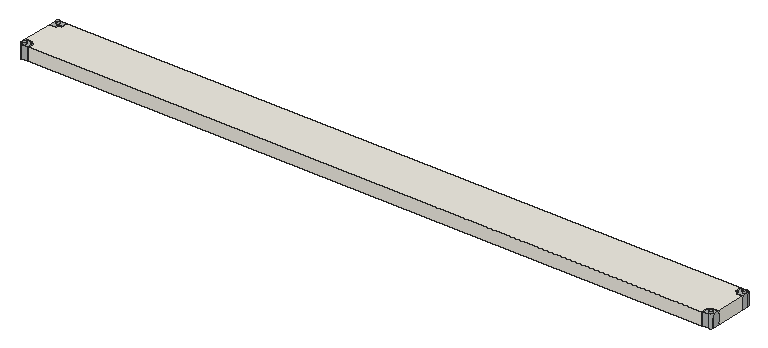
Revit family "HIGHTECH", category Осветительные приборы, Revit 2019 (continued)
Types (32, lengths in mm): name | Файл фотометрической сетки | built-in parameter 1150105 | Lumens | built-in parameter 1150106 | built-in parameter 1150142 | Wattage | Emit from Rectangle Width | Emit from Rectangle Length | Длина | Ширина | ADSK_Ток | ADSK_Полная мощность | ADSK_Обозначение | ADSK_Номинальная мощность | ADSK_Наименование | ADSK_Масса | ADSK_Код изделия
  Hightech-30/opal-sand 295х595 (IP54, 4000К, белый) | "Светильник HIGHTECH-30 OPAL-SAND-(295x595).IES" | 198.94 (stored number, unit not read) | 2500 lm | 1.9894 (stored number, unit not read) | "IESNA:LM-63-95\r\n[TEST] Протокол №80\r\n[DATA]26.06.2016\r\n[MORE] \r\n[MANUFAC] ЗАО \"Центрстройсвет\"\r\n[LUMCAT]  Светильник HIGHTECH-30/OPAL-SAND-(295x595)\r\n[LUMINAIRE]\r\n[LAMPCAT] Светодиоды\r\n[LAMP] Поток источника света (светодиодов) не известен\r\n[MORE] КСС приведена в абсолютных величинах кд\r\n[MORE] Вместо потока лампы, указан поток светильника.\r\nTILT=NONE\r\n1    2420 1.0 37 73 1 2 0.295 0.595 0.04\r\n1.0 1.0 28.9\r\n0.0 5.0 10.0 15.0 20.0 25.0 30.0 35.0 40.0 45.0 50.0 55.0 60.0 65.0 70.0 75.0 80.0 85.0 90.0 95.0 100.0 105.0 110.0 115.0 120.0 125.0 130.0 135.0 140.0 145.0 150.0 155.0 160.0 165.0 170.0 175.0 180.0\r\n0.0 5.0 10.0 15.0 20.0 25.0 30.0 35.0 40.0 45.0 50.0 55.0 60.0 65.0 70.0 75.0 80.0 85.0 90.0 95.0 100.0 105.0 110.0 115.0 120.0 125.0 130.0 135.0 140.0 145.0 150.0 155.0 160.0 165.0 170.0 175.0 180.0 185.0 190.0 195.0 200.0 205.0 210.0 215.0 220.0 225.0 230.0 235.0 240.0 245.0 250.0 255.0 260.0 265.0 270.0 275.0 280.0 285.0 290.0 295.0 300.0 305.0 310.0 315.0 320.0 325.0 330.0 335.0 340.0 345.0 350.0 355.0 360.0\r\n911.1 908.3 889.4 861.2 824.6 779.8 729.1 674.3 613.8 546.0 479.1 412.2 342.1 274.7 206.6 142.5 83.1 30.5 0.2 0.0 0.0 0.0 0.0 0.0 0.0 0.0 0.0 0.0 0.0 0.0 0.0 0.0 0.0 0.0 0.0 0.0 0.0\r\n911.1 908.3 890.4 862.2 826.0 781.2 730.0 673.5 610.8 545.9 478.1 412.0 343.0 274.6 207.5 142.8 83.4 31.1 0.3 0.0 0.0 0.0 0.0 0.0 0.0 0.0 0.0 0.0 0.0 0.0 0.0 0.0 0.0 0.0 0.0 0.0 0.0\r\n911.1 908.5 890.5 862.8 826.3 781.1 729.7 670.6 612.5 548.7 480.3 412.7 344.4 275.2 207.5 143.5 83.8 31.5 0.3 0.0 0.0 0.0 0.0 0.0 0.0 0.0 0.0 0.0 0.0 0.0 0.0 0.0 0.0 0.0 0.0 0.0 0.0\r\n911.1 909.2 889.7 860.5 825.1 782.3 731.0 672.5 613.1 547.3 478.2 411.8 342.9 275.2 208.3 143.7 83.9 31.8 0.3 0.0 0.0 0.0 0.0 0.0 0.0 0.0 0.0 0.0 0.0 0.0 0.0 0.0 0.0 0.0 0.0 0.0 0.0\r\n911.1 909.0 891.0 861.5 825.6 782.4 732.7 675.9 611.0 545.2 481.9 413.1 344.4 276.1 208.3 144.0 84.6 32.0 0.3 0.0 0.0 0.0 0.0 0.0 0.0 0.0 0.0 0.0 0.0 0.0 0.0 0.0 0.0 0.0 0.0 0.0 0.0\r\n911.1 908.9 890.1 863.3 826.9 783.2 729.2 673.9 611.8 547.8 480.9 414.1 343.8 275.8 208.6 144.4 85.0 32.4 0.3 0.0 0.0 0.0 0.0 0.0 0.0 0.0 0.0 0.0 0.0 0.0 0.0 0.0 0.0 0.0 0.0 0.0 0.0\r\n911.1 908.9 890.0 862.2 828.3 782.8 731.1 675.1 614.3 547.6 481.3 413.0 345.8 276.7 208.8 145.0 85.3 32.6 0.4 0.0 0.0 0.0 0.0 0.0 0.0 0.0 0.0 0.0 0.0 0.0 0.0 0.0 0.0 0.0 0.0 0.0 0.0\r\n911.1 908.5 891.5 865.2 825.7 780.8 732.5 674.6 615.0 551.3 482.1 414.1 345.1 277.4 208.6 145.5 85.5 33.2 0.5 0.0 0.0 0.0 0.0 0.0 0.0 0.0 0.0 0.0 0.0 0.0 0.0 0.0 0.0 0.0 0.0 0.0 0.0\r\n911.1 908.2 891.4 865.6 827.3 781.0 734.3 676.9 614.9 549.4 482.0 413.8 346.2 277.0 209.5 145.9 86.0 33.8 0.4 0.0 0.0 0.0 0.0 0.0 0.0 0.0 0.0 0.0 0.0 0.0 0.0 0.0 0.0 0.0 0.0 0.0 0.0\r\n911.1 908.7 891.0 864.3 829.6 784.0 732.9 673.2 614.9 550.2 484.5 414.8 346.4 277.8 210.5 146.4 87.2 33.9 0.6 0.0 0.0 0.0 0.0 0.0 0.0 0.0 0.0 0.0 0.0 0.0 0.0 0.0 0.0 0.0 0.0 0.0 0.0\r\n911.1 909.3 890.7 863.4 828.2 782.7 733.6 675.6 617.1 551.3 485.9 416.5 347.0 279.5 211.3 147.1 87.6 34.5 0.8 0.0 0.0 0.0 0.0 0.0 0.0 0.0 0.0 0.0 0.0 0.0 0.0 0.0 0.0 0.0 0.0 0.0 0.0\r\n911.1 908.7 892.5 864.0 829.2 784.2 733.3 676.9 615.6 551.9 484.7 416.9 348.3 279.6 211.6 148.3 88.1 35.0 0.9 0.0 0.0 0.0 0.0 0.0 0.0 0.0 0.0 0.0 0.0 0.0 0.0 0.0 0.0 0.0 0.0 0.0 0.0\r\n911.1 907.6 892.1 865.2 827.4 784.6 731.8 676.8 617.7 552.8 485.1 418.8 350.7 281.3 212.5 148.4 89.0 35.7 1.0 0.0 0.0 0.0 0.0 0.0 0.0 0.0 0.0 0.0 0.0 0.0 0.0 0.0 0.0 0.0 0.0 0.0 0.0\r\n911.1 907.1 892.1 864.5 830.2 788.3 733.6 677.4 617.3 552.0 487.9 420.8 349.8 281.3 213.4 149.2 89.9 36.2 1.3 0.0 0.0 0.0 0.0 0.0 0.0 0.0 0.0 0.0 0.0 0.0 0.0 0.0 0.0 0.0 0.0 0.0 0.0\r\n911.1 907.7 891.9 865.7 828.5 785.6 735.2 678.9 620.0 555.8 488.8 421.1 351.5 282.7 215.2 149.7 90.8 36.9 1.5 0.0 0.0 0.0 0.0 0.0 0.0 0.0 0.0 0.0 0.0 0.0 0.0 0.0 0.0 0.0 0.0 0.0 0.0\r\n911.1 907.8 891.0 864.8 830.1 786.1 738.7 679.4 616.5 556.6 490.6 420.2 352.4 284.5 215.4 151.3 91.1 37.6 1.5 0.0 0.0 0.0 0.0 0.0 0.0 0.0 0.0 0.0 0.0 0.0 0.0 0.0 0.0 0.0 0.0 0.0 0.0\r\n911.1 907.6 892.2 865.5 829.8 785.3 740.8 681.1 621.3 555.2 488.2 422.8 352.5 285.0 216.2 151.5 92.2 38.3 1.9 0.0 0.0 0.0 0.0 0.0 0.0 0.0 0.0 0.0 0.0 0.0 0.0 0.0 0.0 0.0 0.0 0.0 0.0\r\n911.1 907.4 892.1 866.1 829.8 787.6 737.3 681.4 621.4 556.0 491.1 422.7 354.9 284.7 217.1 152.4 93.0 39.4 2.0 0.0 0.0 0.0 0.0 0.0 0.0 0.0 0.0 0.0 0.0 0.0 0.0 0.0 0.0 0.0 0.0 0.0 0.0\r\n911.1 907.1 892.7 864.9 831.7 788.2 738.4 680.3 623.5 555.8 491.4 423.2 354.0 286.0 218.2 152.8 93.7 40.1 1.9 0.0 0.0 0.0 0.0 0.0 0.0 0.0 0.0 0.0 0.0 0.0 0.0 0.0 0.0 0.0 0.0 0.0 0.0\r\n911.1 907.4 892.3 867.6 830.6 789.2 737.9 683.1 622.5 558.1 492.5 424.4 355.9 287.7 219.1 154.3 94.7 40.4 2.5 0.0 0.0 0.0 0.0 0.0 0.0 0.0 0.0 0.0 0.0 0.0 0.0 0.0 0.0 0.0 0.0 0.0 0.0\r\n911.1 907.5 892.4 866.9 832.1 790.0 736.6 683.9 623.3 559.4 493.1 425.9 357.0 288.4 220.1 155.2 95.3 41.1 2.6 0.0 0.0 0.0 0.0 0.0 0.0 0.0 0.0 0.0 0.0 0.0 0.0 0.0 0.0 0.0 0.0 0.0 0.0\r\n911.1 906.9 893.0 866.2 832.9 789.5 740.6 686.4 622.6 558.9 494.6 425.2 357.7 289.6 220.8 156.1 95.8 41.9 2.6 0.0 0.0 0.0 0.0 0.0 0.0 0.0 0.0 0.0 0.0 0.0 0.0 0.0 0.0 0.0 0.0 0.0 0.0\r\n911.1 906.5 892.0 867.1 832.6 789.9 741.4 686.3 627.3 561.0 497.2 429.6 357.8 290.1 222.7 156.4 96.7 42.4 3.1 0.0 0.0 0.0 0.0 0.0 0.0 0.0 0.0 0.0 0.0 0.0 0.0 0.0 0.0 0.0 0.0 0.0 0.0\r\n911.1 906.8 892.3 868.3 834.8 789.8 739.1 686.9 625.0 562.3 496.2 428.6 359.5 290.7 222.5 158.0 97.5 42.6 3.4 0.0 0.0 0.0 0.0 0.0 0.0 0.0 0.0 0.0 0.0 0.0 0.0 0.0 0.0 0.0 0.0 0.0 0.0\r\n911.1 907.7 893.1 868.2 834.1 793.7 743.1 687.9 626.4 562.8 495.5 430.8 360.5 292.6 223.4 158.6 97.7 43.5 3.3 0.0 0.0 0.0 0.0 0.0 0.0 0.0 0.0 0.0 0.0 0.0 0.0 0.0 0.0 0.0 0.0 0.0 0.0\r\n911.1 908.2 893.8 868.2 835.6 793.6 743.3 688.3 626.0 564.5 498.1 431.2 361.0 293.4 224.3 158.9 98.6 44.0 3.5 0.0 0.0 0.0 0.0 0.0 0.0 0.0 0.0 0.0 0.0 0.0 0.0 0.0 0.0 0.0 0.0 0.0 0.0\r\n911.1 906.7 894.2 868.9 835.7 792.8 743.7 688.3 628.3 564.5 497.7 430.5 361.2 293.3 224.8 160.4 99.3 44.4 3.7 0.0 0.0 0.0 0.0 0.0 0.0 0.0 0.0 0.0 0.0 0.0 0.0 0.0 0.0 0.0 0.0 0.0 0.0\r\n911.1 906.5 894.7 867.9 834.7 795.0 744.2 689.6 630.1 566.4 499.6 431.8 363.0 294.1 225.6 160.8 100.0 45.1 3.6 0.0 0.0 0.0 0.0 0.0 0.0 0.0 0.0 0.0 0.0 0.0 0.0 0.0 0.0 0.0 0.0 0.0 0.0\r\n911.1 906.5 895.1 869.9 835.9 794.8 744.6 690.7 627.4 566.4 500.2 432.4 364.0 294.7 227.0 161.2 100.6 45.6 3.8 0.0 0.0 0.0 0.0 0.0 0.0 0.0 0.0 0.0 0.0 0.0 0.0 0.0 0.0 0.0 0.0 0.0 0.0\r\n911.1 906.1 895.4 869.1 835.9 794.7 746.0 689.6 630.7 566.6 499.6 432.7 363.1 295.7 227.9 161.9 100.9 46.3 4.0 0.0 0.0 0.0 0.0 0.0 0.0 0.0 0.0 0.0 0.0 0.0 0.0 0.0 0.0 0.0 0.0 0.0 0.0\r\n911.1 906.1 894.6 870.7 836.3 795.3 746.6 689.6 632.6 567.7 500.1 432.1 364.4 296.0 227.8 162.7 101.4 46.4 4.5 0.0 0.0 0.0 0.0 0.0 0.0 0.0 0.0 0.0 0.0 0.0 0.0 0.0 0.0 0.0 0.0 0.0 0.0\r\n911.1 906.3 895.6 868.8 835.5 793.2 745.3 690.7 630.8 568.5 500.6 433.3 364.7 295.8 227.5 162.6 101.3 46.8 4.6 0.0 0.0 0.0 0.0 0.0 0.0 0.0 0.0 0.0 0.0 0.0 0.0 0.0 0.0 0.0 0.0 0.0 0.0\r\n911.1 907.0 895.4 871.8 837.5 794.5 744.5 690.6 631.8 568.8 502.5 436.2 365.6 296.2 228.3 163.9 101.9 47.1 4.6 0.0 0.0 0.0 0.0 0.0 0.0 0.0 0.0 0.0 0.0 0.0 0.0 0.0 0.0 0.0 0.0 0.0 0.0\r\n911.1 907.6 895.4 871.8 839.2 796.0 747.1 690.6 629.6 567.5 501.4 434.5 365.7 297.2 228.8 163.4 102.4 47.5 4.6 0.0 0.0 0.0 0.0 0.0 0.0 0.0 0.0 0.0 0.0 0.0 0.0 0.0 0.0 0.0 0.0 0.0 0.0\r\n911.1 906.1 895.5 871.6 838.7 794.9 748.2 694.5 632.4 570.3 502.5 434.5 365.5 297.1 229.4 164.0 102.4 47.5 4.7 0.0 0.0 0.0 0.0 0.0 0.0 0.0 0.0 0.0 0.0 0.0 0.0 0.0 0.0 0.0 0.0 0.0 0.0\r\n911.1 904.8 895.9 869.8 836.7 797.2 747.1 691.9 633.4 569.5 503.4 435.1 366.2 298.1 229.3 163.6 102.3 47.2 4.3 0.0 0.0 0.0 0.0 0.0 0.0 0.0 0.0 0.0 0.0 0.0 0.0 0.0 0.0 0.0 0.0 0.0 0.0\r\n911.1 905.3 894.0 871.2 840.2 796.2 748.3 691.8 631.5 572.4 503.6 433.5 366.8 297.9 229.2 163.3 101.8 46.8 3.8 0.0 0.0 0.0 0.0 0.0 0.0 0.0 0.0 0.0 0.0 0.0 0.0 0.0 0.0 0.0 0.0 0.0 0.0\r\n911.1 906.0 894.9 870.9 837.1 795.0 745.7 693.0 630.8 569.0 503.7 436.4 366.4 297.7 229.8 163.4 101.8 46.5 3.4 0.0 0.0 0.0 0.0 0.0 0.0 0.0 0.0 0.0 0.0 0.0 0.0 0.0 0.0 0.0 0.0 0.0 0.0\r\n911.1 905.6 893.6 871.4 839.9 797.6 749.1 691.5 633.0 570.8 502.5 434.8 366.1 296.6 228.5 162.8 101.0 46.0 2.9 0.0 0.0 0.0 0.0 0.0 0.0 0.0 0.0 0.0 0.0 0.0 0.0 0.0 0.0 0.0 0.0 0.0 0.0\r\n911.1 905.5 894.6 871.9 838.0 794.6 747.0 692.0 634.0 569.3 502.9 435.5 366.8 296.4 228.8 163.2 101.1 46.1 2.8 0.0 0.0 0.0 0.0 0.0 0.0 0.0 0.0 0.0 0.0 0.0 0.0 0.0 0.0 0.0 0.0 0.0 0.0\r\n911.1 906.2 893.1 871.0 837.2 796.8 749.0 694.0 633.1 569.5 503.5 436.7 366.4 297.6 228.4 162.6 101.3 45.7 2.8 0.0 0.0 0.0 0.0 0.0 0.0 0.0 0.0 0.0 0.0 0.0 0.0 0.0 0.0 0.0 0.0 0.0 0.0\r\n911.1 905.4 893.6 869.9 837.0 796.8 747.6 692.4 634.5 568.4 503.4 433.2 365.8 296.2 227.1 162.3 100.7 45.6 2.7 0.0 0.0 0.0 0.0 0.0 0.0 0.0 0.0 0.0 0.0 0.0 0.0 0.0 0.0 0.0 0.0 0.0 0.0\r\n911.1 905.2 893.1 870.9 837.6 799.4 749.7 694.6 632.4 569.7 501.2 433.7 366.5 296.3 227.6 162.0 100.7 45.2 2.6 0.0 0.0 0.0 0.0 0.0 0.0 0.0 0.0 0.0 0.0 0.0 0.0 0.0 0.0 0.0 0.0 0.0 0.0\r\n911.1 905.6 892.8 867.9 836.3 795.3 747.6 693.8 632.3 568.8 503.5 433.9 364.4 295.4 227.4 162.1 100.2 45.0 2.6 0.0 0.0 0.0 0.0 0.0 0.0 0.0 0.0 0.0 0.0 0.0 0.0 0.0 0.0 0.0 0.0 0.0 0.0\r\n911.1 906.0 891.2 869.4 838.7 796.6 744.5 691.3 630.5 568.4 500.5 432.6 364.8 294.7 226.6 161.5 99.4 44.6 2.4 0.0 0.0 0.0 0.0 0.0 0.0 0.0 0.0 0.0 0.0 0.0 0.0 0.0 0.0 0.0 0.0 0.0 0.0\r\n911.1 906.3 892.3 868.8 836.4 794.7 746.4 690.6 628.4 567.4 501.0 433.5 364.4 294.7 226.3 161.5 99.1 44.1 2.3 0.0 0.0 0.0 0.0 0.0 0.0 0.0 0.0 0.0 0.0 0.0 0.0 0.0 0.0 0.0 0.0 0.0 0.0\r\n911.1 906.1 891.2 870.3 836.5 796.5 746.5 691.1 630.2 565.4 501.0 432.5 361.6 293.6 224.8 160.3 98.9 43.7 2.2 0.0 0.0 0.0 0.0 0.0 0.0 0.0 0.0 0.0 0.0 0.0 0.0 0.0 0.0 0.0 0.0 0.0 0.0\r\n911.1 906.7 892.3 869.5 834.4 794.2 744.3 688.5 631.3 567.2 500.0 431.6 362.1 292.6 224.4 159.4 98.3 43.1 2.1 0.0 0.0 0.0 0.0 0.0 0.0 0.0 0.0 0.0 0.0 0.0 0.0 0.0 0.0 0.0 0.0 0.0 0.0\r\n911.1 906.3 891.7 869.3 838.3 794.6 745.1 687.7 632.2 566.3 497.6 429.3 361.9 293.2 223.9 158.7 97.6 42.4 1.9 0.0 0.0 0.0 0.0 0.0 0.0 0.0 0.0 0.0 0.0 0.0 0.0 0.0 0.0 0.0 0.0 0.0 0.0\r\n911.1 906.6 891.2 870.7 835.8 791.7 742.2 688.7 628.2 564.3 497.8 429.8 361.0 291.5 223.5 157.7 97.3 42.0 1.8 0.0 0.0 0.0 0.0 0.0 0.0 0.0 0.0 0.0 0.0 0.0 0.0 0.0 0.0 0.0 0.0 0.0 0.0\r\n911.1 906.1 891.3 868.6 834.6 791.7 744.4 685.8 625.4 562.6 496.6 428.8 360.1 290.5 222.4 157.1 96.1 41.3 1.7 0.0 0.0 0.0 0.0 0.0 0.0 0.0 0.0 0.0 0.0 0.0 0.0 0.0 0.0 0.0 0.0 0.0 0.0\r\n911.1 905.2 892.6 868.1 835.0 791.5 742.2 686.7 625.4 563.1 497.3 427.9 358.4 290.7 221.2 155.8 95.6 40.8 1.5 0.0 0.0 0.0 0.0 0.0 0.0 0.0 0.0 0.0 0.0 0.0 0.0 0.0 0.0 0.0 0.0 0.0 0.0\r\n911.1 905.3 892.8 868.0 833.0 791.3 744.3 685.1 623.6 560.5 492.9 426.5 357.2 288.9 220.3 154.7 94.8 40.1 1.3 0.0 0.0 0.0 0.0 0.0 0.0 0.0 0.0 0.0 0.0 0.0 0.0 0.0 0.0 0.0 0.0 0.0 0.0\r\n911.1 906.6 890.8 868.3 833.0 790.4 741.1 685.4 624.1 560.7 492.9 424.1 356.4 288.9 219.7 154.0 93.5 39.4 1.2 0.0 0.0 0.0 0.0 0.0 0.0 0.0 0.0 0.0 0.0 0.0 0.0 0.0 0.0 0.0 0.0 0.0 0.0\r\n911.1 907.4 891.8 866.4 833.1 790.2 739.5 683.6 621.7 561.4 494.4 424.6 356.0 287.1 219.0 153.3 92.5 38.6 1.1 0.0 0.0 0.0 0.0 0.0 0.0 0.0 0.0 0.0 0.0 0.0 0.0 0.0 0.0 0.0 0.0 0.0 0.0\r\n911.1 907.0 891.7 867.9 832.2 788.0 736.3 683.3 623.7 556.4 492.1 424.3 353.3 286.6 217.1 152.4 91.9 37.8 0.8 0.0 0.0 0.0 0.0 0.0 0.0 0.0 0.0 0.0 0.0 0.0 0.0 0.0 0.0 0.0 0.0 0.0 0.0\r\n911.1 906.8 892.1 865.5 829.5 787.9 737.3 680.4 618.9 555.6 491.7 423.2 353.3 284.2 216.2 151.5 91.3 37.0 0.7 0.0 0.0 0.0 0.0 0.0 0.0 0.0 0.0 0.0 0.0 0.0 0.0 0.0 0.0 0.0 0.0 0.0 0.0\r\n911.1 906.0 890.4 864.7 830.5 788.2 737.8 682.0 618.5 554.8 489.2 421.0 352.5 282.8 214.0 149.9 90.1 36.6 0.6 0.0 0.0 0.0 0.0 0.0 0.0 0.0 0.0 0.0 0.0 0.0 0.0 0.0 0.0 0.0 0.0 0.0 0.0\r\n911.1 905.1 891.5 865.2 828.0 784.8 738.1 677.5 619.3 553.0 488.5 419.0 350.1 282.1 214.0 149.5 89.3 35.6 0.4 0.0 0.0 0.0 0.0 0.0 0.0 0.0 0.0 0.0 0.0 0.0 0.0 0.0 0.0 0.0 0.0 0.0 0.0\r\n911.1 906.0 891.6 863.4 826.4 784.8 735.2 679.4 616.1 553.3 487.5 418.1 349.5 281.2 213.4 148.4 88.5 34.8 0.3 0.0 0.0 0.0 0.0 0.0 0.0 0.0 0.0 0.0 0.0 0.0 0.0 0.0 0.0 0.0 0.0 0.0 0.0\r\n911.1 906.8 890.4 864.5 828.0 784.0 735.1 678.8 616.8 551.9 484.6 417.7 349.7 279.3 211.1 147.6 87.7 34.2 0.3 0.0 0.0 0.0 0.0 0.0 0.0 0.0 0.0 0.0 0.0 0.0 0.0 0.0 0.0 0.0 0.0 0.0 0.0\r\n911.1 907.5 888.8 862.0 826.9 780.2 732.3 675.0 614.9 551.2 485.3 416.4 346.6 278.8 211.6 146.2 86.7 33.6 0.2 0.0 0.0 0.0 0.0 0.0 0.0 0.0 0.0 0.0 0.0 0.0 0.0 0.0 0.0 0.0 0.0 0.0 0.0\r\n911.1 907.5 889.7 863.2 826.6 785.1 732.2 672.0 614.2 551.3 484.5 416.7 346.2 277.6 210.1 145.9 85.8 32.8 0.2 0.0 0.0 0.0 0.0 0.0 0.0 0.0 0.0 0.0 0.0 0.0 0.0 0.0 0.0 0.0 0.0 0.0 0.0\r\n911.1 907.3 890.1 863.9 825.1 780.0 730.7 678.4 612.1 549.9 481.9 414.5 344.9 276.9 209.3 145.1 85.2 32.3 0.1 0.0 0.0 0.0 0.0 0.0 0.0 0.0 0.0 0.0 0.0 0.0 0.0 0.0 0.0 0.0 0.0 0.0 0.0\r\n911.1 908.5 889.1 862.4 825.5 781.7 731.2 672.6 612.0 547.6 482.4 413.8 345.8 275.4 208.5 144.0 84.8 31.6 0.1 0.0 0.0 0.0 0.0 0.0 0.0 0.0 0.0 0.0 0.0 0.0 0.0 0.0 0.0 0.0 0.0 0.0 0.0\r\n911.1 908.0 889.3 861.7 824.9 780.9 731.0 672.8 611.9 545.5 481.0 411.8 343.3 274.8 207.7 143.4 84.0 31.2 0.1 0.0 0.0 0.0 0.0 0.0 0.0 0.0 0.0 0.0 0.0 0.0 0.0 0.0 0.0 0.0 0.0 0.0 0.0\r\n911.1 906.5 887.9 861.2 824.2 781.5 729.8 672.2 609.7 547.2 479.7 411.1 343.5 274.5 206.8 143.2 83.6 30.7 0.1 0.0 0.0 0.0 0.0 0.0 0.0 0.0 0.0 0.0 0.0 0.0 0.0 0.0 0.0 0.0 0.0 0.0 0.0\r\n911.1 906.8 888.0 859.9 826.4 781.3 727.9 671.1 610.9 546.9 478.6 411.5 342.5 274.4 207.1 142.8 83.0 30.3 0.1 0.0 0.0 0.0 0.0 0.0 0.0 0.0 0.0 0.0 0.0 0.0 0.0 0.0 0.0 0.0 0.0 0.0 0.0\r\n911.1 907.2 889.6 859.4 824.1 778.8 730.0 672.0 610.3 544.9 478.2 410.6 341.6 274.5 206.3 141.9 82.8 30.0 0.1 0.0 0.0 0.0 0.0 0.0 0.0 0.0 0.0 0.0 0.0 0.0 0.0 0.0 0.0 0.0 0.0 0.0 0.0\r\n911.1 908.0 888.9 861.7 823.7 778.6 726.6 673.0 609.3 546.3 478.0 409.7 341.7 273.2 206.1 141.7 82.2 29.9 0.0 0.0 0.0 0.0 0.0 0.0 0.0 0.0 0.0 0.0 0.0 0.0 0.0 0.0 0.0 0.0 0.0 0.0 0.0\r\n911.1 908.5 889.0 862.2 823.5 778.2 729.5 669.6 608.8 545.8 478.2 411.0 340.7 272.7 206.2 142.0 82.2 29.8 0.1 0.0 0.0 0.0 0.0 0.0 0.0 0.0 0.0 0.0 0.0 0.0 0.0 0.0 0.0 0.0 0.0 0.0 0.0\r\n911.1 908.3 889.7 863.3 826.0 781.1 728.4 671.9 608.5 545.7 478.5 410.8 342.7 273.4 205.7 141.8 82.4 30.1 0.2 0.0 0.0 0.0 0.0 0.0 0.0 0.0 0.0 0.0 0.0 0.0 0.0 0.0 0.0 0.0 0.0 0.0 0.0\r\n911.1 908.3 889.4 861.2 824.6 779.8 729.1 674.3 613.8 546.0 479.1 412.2 342.1 274.7 206.6 142.5 83.1 30.5 0.2 0.0 0.0 0.0 0.0 0.0 0.0 0.0 0.0 0.0 0.0 0.0 0.0 0.0 0.0 0.0 0.0 0.0 0.0\r\n" | 16.8303 W | 255 | 555 | 595 | 295 | 0.141777 A | 32.6087 VA | "Hightech-30/opal-sand 295х595 (IP54, 4000К, белый)" | 30 W | "Универсальный светодиодный светильник Hightech-30/opal-sand 295х595 (IP54, 4000К, белый)" | 1.4 | "ЦБ000007569"
